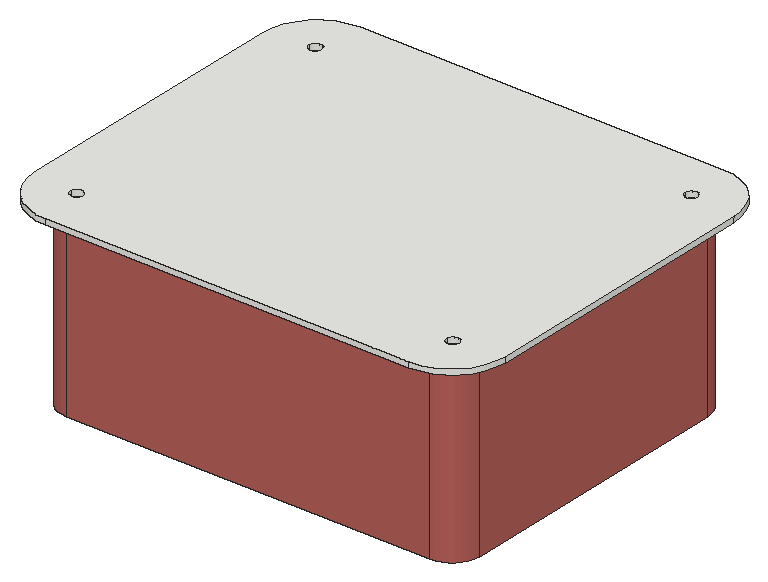
Revit family "Building-FlushMountingEnclosures-GEWISS-48PT-JUNCTION-BOXES_FLUSH-MOUNTING", category Apparecchi elettrici, host Superficie, Revit 2016
Family settings
  Host = Superficie
  Mantenere orientamento annotazione = No
  Tipo di parte = Normale
  Quota connettore circolare = Usa diametro
  Numero OmniClass = 23.80.30.14.24
  Titolo OmniClass = Junction Boxes
  Taglio con vuoti quando caricato = No
  Condiviso = No
  Punto di calcolo locali = Sì
Parameters (values of type "GW48005 - FLUSH MOUNTING JUNCTION BOX 160X130X70")
  Voltaggio = 0 V
  Version file RFA = "18.0"
  VISTA DI PIANTA [instance] = yes
  URL = "https://www.gewiss.com/ww/en"
  Type of material = "Halogen-free in compliance with EN 60754-2"
  Thermo-pressure with ball = "70 °C"
  Technical sheet = "https://www.gewiss.com/ww/en/search?q=GW48005"
  Shock resistance = "IK07"
  SIMBOLO [instance] = yes
  SEO = "Box"
  Realized by GEWISS S.p.A. = ""
  Produttore = "GEWISS S.p.A."
  Outer dim. LxHxD (mm) = "160x130x70"
  Operating temperature = "-15 ÷ +60°C"
  Modello = "GW48005"
  Lid colour = "White RAL 9016"
  Installation = "Flush mounting enclosures"
  Immagine tipo = gw48001.jpg
  Tappo = GEWISS - BIANCO RAL 9016
  Scatola = ROSSO RAL 3000
  IP degree = "IP40"
  IDT = "5db139ba-2d0a-47a6-a6ef-19bd08ad663c"
  IDF = "2587cbf6-bb6e-4d5d-9609-fbb7b32b69a9"
  Glow Wire Test = "650°C"
  GEWISS SCHEDA TECNICA = "http://pro.gewiss.com/irj/portal/?NavigationTarget=pcd:portal_content/com.gewiss.ZPPFDMain/com.gewiss.ZPPFDITMain/com.gewiss.ZPPFDITMainDefault/com.gewiss.ZPPFDITPages/com.gewiss.ZPPFDITPagesAP/com.gewiss.ZPPFDITPagesAPCatalogo/com.gewiss.ZPPPDITAPProductDetail&codProd=GW48005"
  Default Elevation = 1219.2 mm
  Profondità = 70 mm
  Lunghezza = 160 mm
  Larghezza = 130 mm
  For walls = "Masonry"
  Electrocod = "0220"
  EAN code = "8011564016422"
  Distanza orizzontale del simbolo [instance] = 329.446 mm
  Distanza dal muro [instance] = 4.208 mm
  Descrizione = "FLUSH MOUNTING JUNCTION BOX 160X130X70"
  Compartment pre-arrangement = "1"
  Classificazione = Other
  Catalogue Range = "48 PT"
  Catalogue = "BUILDING"
  Carico apparente = 0 VA
  CORNICE SIMBOLO [instance] = yes
  COBie.Tagnumber = ""
  COBie.CreatedOn = ""
  COBie.CreatebBy = ""
  COBie.ComponentRegisterItemID = ""
  COBie.Component.TagNumber = ""
  COBie.Component.Space = ""
  COBie.Component.SerialNumber = ""
  COBie.Component.InstallationDate = ""
  COBie.Component.Description = ""
  COBie.Component.BarCode = ""
  Bordo = 4 mm
Types (5, lengths in mm): name | Technical sheet | Outer dim. LxHxD (mm) | Modello | IDT | GEWISS SCHEDA TECNICA | Profondità | Lunghezza | Larghezza | EAN code | Descrizione
  GW48001 - FLUSH MOUNTING JUNCTION BOX 92X92X45 | "https://www.gewiss.com/ww/en/search?q=GW48001" | "92x92x45" | "GW48001" | "5a06cdcc-e3bf-45dc-bed8-f625ed1c20df" | "http://pro.gewiss.com/irj/portal/?NavigationTarget=pcd:portal_content/com.gewiss.ZPPFDMain/com.gewiss.ZPPFDITMain/com.gewiss.ZPPFDITMainDefault/com.gewiss.ZPPFDITPages/com.gewiss.ZPPFDITPagesAP/com.gewiss.ZPPFDITPagesAPCatalogo/com.gewiss.ZPPPDITAPProductDetail&codProd=GW48001" | 45 | 92 | 92 | "8011564016385" | "FLUSH MOUNTING JUNCTION BOX 92X92X45"
  GW48002 - FLUSH MOUNTING JUNCTION BOX 118X96X50 | "https://www.gewiss.com/ww/en/search?q=GW48002" | "118x96x50" | "GW48002" | "de690289-d37d-4a41-a99d-f4e485978f89" | "http://pro.gewiss.com/irj/portal/?NavigationTarget=pcd:portal_content/com.gewiss.ZPPFDMain/com.gewiss.ZPPFDITMain/com.gewiss.ZPPFDITMainDefault/com.gewiss.ZPPFDITPages/com.gewiss.ZPPFDITPagesAP/com.gewiss.ZPPFDITPagesAPCatalogo/com.gewiss.ZPPPDITAPProductDetail&codProd=GW48002" | 50 | 118 | 96 | "8011564016392" | "FLUSH MOUNTING JUNCTION BOX 118X96X50"
  GW48003 - FLUSH MOUNTING JUNCTION BOX 118X96X70 | "https://www.gewiss.com/ww/en/search?q=GW48003" | "118x96x70" | "GW48003" | "cfc061ea-fc08-4341-8ad6-c24246c1af86" | "http://pro.gewiss.com/irj/portal/?NavigationTarget=pcd:portal_content/com.gewiss.ZPPFDMain/com.gewiss.ZPPFDITMain/com.gewiss.ZPPFDITMainDefault/com.gewiss.ZPPFDITPages/com.gewiss.ZPPFDITPagesAP/com.gewiss.ZPPFDITPagesAPCatalogo/com.gewiss.ZPPPDITAPProductDetail&codProd=GW48003" | 70 | 118 | 96 | "8011564016408" | "FLUSH MOUNTING JUNCTION BOX 118X96X70"
  GW48004 - FLUSH MOUNTING JUNCTION BOX 152X98X70 | "https://www.gewiss.com/ww/en/search?q=GW48004" | "152x98x70" | "GW48004" | "8040a3c4-1d49-4fed-a40d-69a247de72a1" | "http://pro.gewiss.com/irj/portal/?NavigationTarget=pcd:portal_content/com.gewiss.ZPPFDMain/com.gewiss.ZPPFDITMain/com.gewiss.ZPPFDITMainDefault/com.gewiss.ZPPFDITPages/com.gewiss.ZPPFDITPagesAP/com.gewiss.ZPPFDITPagesAPCatalogo/com.gewiss.ZPPPDITAPProductDetail&codProd=GW48004" | 70 | 152 | 98 | "8011564016415" | "FLUSH MOUNTING JUNCTION BOX 152X98X70"
  GW48005 - FLUSH MOUNTING JUNCTION BOX 160X130X70 | "https://www.gewiss.com/ww/en/search?q=GW48005" | "160x130x70" | "GW48005" | "5db139ba-2d0a-47a6-a6ef-19bd08ad663c" | "http://pro.gewiss.com/irj/portal/?NavigationTarget=pcd:portal_content/com.gewiss.ZPPFDMain/com.gewiss.ZPPFDITMain/com.gewiss.ZPPFDITMainDefault/com.gewiss.ZPPFDITPages/com.gewiss.ZPPFDITPagesAP/com.gewiss.ZPPFDITPagesAPCatalogo/com.gewiss.ZPPPDITAPProductDetail&codProd=GW48005" | 70 | 160 | 130 | "8011564016422" | "FLUSH MOUNTING JUNCTION BOX 160X130X70"
Reference planes
  plane 1 "Centro (Fronte/Retro)": y = 0
  plane 2: z = 0
  plane 3 "Centro (Sinistra/Destra)": x = 0
  plane 4: x = -80
  plane 5: y = -65
  plane 6: x = 80
  plane 7: y = 65
  plane 8: y = 62.823
  plane 9: x = 77.823
  plane 10: y = -62.823
  plane 11: x = -77.823
  plane 12: z = -70
  plane 13: y = 57
  plane 14: y = -57
  plane 15: x = -71.947
  plane 16: x = 71.947
  plane 17: x = -90
  plane 18: y = -75
  plane 19: x = 90
  plane 20: y = 75
  plane 21: z = 2
  plane 22: x = -329.446
Forms (mm)
  Extrusion 1, void
    sketch origin (0, 0, 0) x (1, 0, 0) y (0, 1, 0)
      loop
        line (-80, 54.5) -> (-80, -54.5)
        arc (-80, -54.5) -> (-76.925, -61.925) -> (-69.5, -65) r 10.5
        line (-69.5, -65) -> (69.5, -65)
        arc (69.5, -65) -> (76.925, -61.925) -> (80, -54.5) r 10.5
        line (80, -54.5) -> (80, 54.5)
        arc (80, 54.5) -> (76.925, 61.925) -> (69.5, 65) r 10.5
        line (69.5, 65) -> (-69.5, 65)
        arc (-69.5, 65) -> (-76.925, 61.925) -> (-80, 54.5) r 10.5
    from -70 to 0
  Extrusion 2, solid, material "ROSSO RAL 3000" <- "Scatola"
    sketch origin (0, 0, 0) x (1, 0, 0) y (0, 1, 0)
      loop
        arc (-69.5, 65) -> (-76.925, 61.925) -> (-80, 54.5) r 10.5
        line (-80, 54.5) -> (-80, -54.5)
        arc (-80, -54.5) -> (-76.925, -61.925) -> (-69.5, -65) r 10.5
        line (-69.5, -65) -> (69.5, -65)
        arc (69.5, -65) -> (76.925, -61.925) -> (80, -54.5) r 10.5
        line (80, -54.5) -> (80, 54.5)
        arc (80, 54.5) -> (76.925, 61.925) -> (69.5, 65) r 10.5
        line (69.5, 65) -> (-69.5, 65)
      loop
        arc (-69.5, 62.823) -> (-75.386, 60.386) -> (-77.823, 54.5) r 8.323
        line (-77.823, 54.5) -> (-77.823, -54.5)
        arc (-77.823, -54.5) -> (-75.386, -60.386) -> (-69.5, -62.823) r 8.323
        line (-69.5, -62.823) -> (69.5, -62.823)
        arc (69.5, -62.823) -> (75.386, -60.386) -> (77.823, -54.5) r 8.323
        line (77.823, -54.5) -> (77.823, 54.5)
        arc (77.823, 54.5) -> (75.386, 60.386) -> (69.5, 62.823) r 8.323
        line (69.5, 62.823) -> (-69.5, 62.823)
    from -70 to 0
  Extrusion 3, solid
    sketch origin (0, 0, 0) x (1, 0, 0) y (0, 1, 0)
      loop
        line (-77.823, 51.384) -> (-74.592, 51.384)
        arc (-74.592, 51.384) -> (-69.664, 54.157) -> (-66.596, 58.907) r 11.782
        line (-66.596, 58.907) -> (-66.596, 62.823) -> (-69.5, 62.823)
        arc (-69.5, 62.823) -> (-75.386, 60.386) -> (-77.823, 54.5) r 8.323
        line (-77.823, 54.5) -> (-77.823, 51.384)
      loop
        line (77.823, 51.384) -> (77.823, 54.5)
        arc (77.823, 54.5) -> (75.386, 60.386) -> (69.5, 62.823) r 8.323
        line (69.5, 62.823) -> (66.596, 62.823) -> (66.596, 58.907)
        arc (66.596, 58.907) -> (69.664, 54.157) -> (74.592, 51.384) r 11.782
        line (74.592, 51.384) -> (77.823, 51.384)
      loop
        line (-77.823, -51.384) -> (-77.823, -54.5)
        arc (-77.823, -54.5) -> (-75.386, -60.386) -> (-69.5, -62.823) r 8.323
        line (-69.5, -62.823) -> (-66.596, -62.823) -> (-66.596, -58.907)
        arc (-66.596, -58.907) -> (-69.664, -54.157) -> (-74.592, -51.384) r 11.782
        line (-74.592, -51.384) -> (-77.823, -51.384)
      loop
        line (77.823, -51.384) -> (74.592, -51.384)
        arc (74.592, -51.384) -> (69.664, -54.157) -> (66.596, -58.907) r 11.782
        line (66.596, -58.907) -> (66.596, -62.823) -> (69.5, -62.823)
        arc (69.5, -62.823) -> (75.386, -60.386) -> (77.823, -54.5) r 8.323
        line (77.823, -54.5) -> (77.823, -51.384)
    from -2.208 to 0
  Extrusion 4, void
    sketch origin (0, 0, 0) x (1, 0, 0) y (0, 1, 0)
      loop
        circle (-71.947, 57) r 2.408
      loop
        circle (71.947, 57) r 2.408
      loop
        circle (-71.947, -57) r 2.408
      loop
        circle (71.947, -57) r 2.408
    from -2.208 to 2
  Extrusion 5, solid, material "GEWISS - BIANCO RAL 9016" <- "Tappo"
    sketch origin (0, 0, 0) x (1, 0, 0) y (0, 1, 0)
      loop
        arc (-69.5, 75) -> (-83.996, 68.996) -> (-90, 54.5) r 20.5
        line (-90, 54.5) -> (-90, -54.5)
        arc (-90, -54.5) -> (-83.996, -68.996) -> (-69.5, -75) r 20.5
        line (-69.5, -75) -> (69.5, -75)
        arc (69.5, -75) -> (83.996, -68.996) -> (90, -54.5) r 20.5
        line (90, -54.5) -> (90, 54.5)
        arc (90, 54.5) -> (83.996, 68.996) -> (69.5, 75) r 20.5
        line (69.5, 75) -> (-69.5, 75)
    from 0 to 2
Cuts and joins
  Extrusion 4 cuts Extrusion 5
Lines and regions (mm)
  Masking region 1, visible <- "VISTA DI PIANTA"
    outline origin (0, 0, 0) x (1, 0, 0) y (0, 0, 1)
      loop
        line (-80, -70) -> (80, -70) -> (80, 0) -> (-80, 0) -> (-80, -70)
  Masking region 2, visible <- "VISTA DI PIANTA"
    outline origin (0, 0, 0) x (1, 0, 0) y (0, 0, 1)
      loop
        line (-90, 0) -> (90, 0) -> (90, 2) -> (-90, 2) -> (-90, 0)
  Masking region 3
    outline origin (0, 0, 0) x (0, 1, 0) y (0, 0, 1)
      loop
        line (-65, -70) -> (65, -70) -> (65, 0) -> (-65, 0) -> (-65, -70)
  Masking region 4
    outline origin (0, 0, 0) x (0, 1, 0) y (0, 0, 1)
      loop
        line (-75, 0) -> (75, 0) -> (75, 2) -> (-75, 2) -> (-75, 0)
  model lines
    curve 1: line (69.5, 65, 0) -> (-69.5, 65, 0)
    curve 2: arc (-69.5, 65, 0) -> (-76.925, 61.925, 0) -> (-80, 54.5, 0) r 10.5
    curve 3: line (-80, 54.5, 0) -> (-80, -54.5, 0)
    curve 4: arc (-80, -54.5, 0) -> (-76.925, -61.925, 0) -> (-69.5, -65, 0) r 10.5
    curve 5: line (-69.5, -65, 0) -> (69.5, -65, 0)
    curve 6: arc (69.5, -65, 0) -> (76.925, -61.925, 0) -> (80, -54.5, 0) r 10.5
    curve 7: line (80, -54.5, 0) -> (80, 54.5, 0)
    curve 8: arc (80, 54.5, 0) -> (76.925, 61.925, 0) -> (69.5, 65, 0) r 10.5
Dimensions and locks
  equal spacing: plane 7, plane 1 "Centro (Fronte/Retro)", plane 5
  equal spacing: plane 4, plane 3 "Centro (Sinistra/Destra)", plane 6
  "Lunghezza": plane 4 to plane 6
  "Larghezza": plane 7 to plane 5
  plane 4 to plane 11 = 2.177 mm  (x2)
  plane 9 to plane 6 = 2.177 mm  (x2)
  plane 10 to plane 5 = 2.177 mm
  plane 7 to plane 8 = 2.177 mm
  "Profondità": plane 2 to plane 12
  locked: plane 11 to plane 15 at 5.876
  locked: plane 7 to plane 13 at 8
  locked: plane 14 to plane 5 at 8
  locked: plane 16 to plane 6 at 8.053
  locked: plane 2 to Extrusion 3 at 2.208
  locked: plane 20 to plane 7 at 10
  locked: plane 17 to plane 4 at 10
  locked: plane 5 to plane 18 at 10
  locked: plane 6 to plane 19 at 10
  plane 21 to plane 2 = 2 mm
  "Distanza orizzontale del simbolo": plane 22 to plane 3 "Centro (Sinistra/Destra)"
  aligned and locked: plane 2 to host face
  aligned and locked: level to host face
  aligned and locked: Extrusion 1 sketch curve to plane 4
  aligned and locked: Extrusion 1 sketch curve to plane 7
  aligned and locked: Extrusion 1 sketch curve to plane 6
  aligned and locked: Extrusion 1 sketch curve to plane 5
  aligned and locked: Extrusion 1 to plane 12
  aligned and locked: plane 2 to Extrusion 1
  aligned and locked: Extrusion 2 sketch curve to plane 4
  aligned and locked: Extrusion 2 sketch curve to plane 11
  aligned and locked: Extrusion 2 sketch curve to plane 10
  aligned and locked: Extrusion 2 sketch curve to plane 5
  aligned and locked: Extrusion 2 sketch curve to plane 6
  aligned and locked: Extrusion 2 sketch curve to plane 9
  aligned and locked: Extrusion 2 sketch curve to plane 8
  aligned and locked: Extrusion 2 sketch curve to plane 7
  aligned and locked: Extrusion 2 to plane 12
  aligned and locked: plane 2 to Extrusion 2
  aligned and locked: plane 11 to Extrusion 3 sketch curve
  aligned and locked: Extrusion 3 sketch curve to plane 8
  aligned and locked: Extrusion 3 sketch curve to plane 10
  aligned and locked: plane 10 to Extrusion 3 sketch curve
  aligned and locked: Extrusion 3 sketch curve to plane 9
  aligned and locked: plane 8 to Extrusion 3 sketch curve
  aligned and locked: plane 9 to Extrusion 3 sketch curve
  aligned and locked: Extrusion 3 sketch curve to plane 11
  aligned and locked: plane 2 to Extrusion 3
  aligned and locked: plane 15 to Extrusion 4 sketch curve  (x2)
  aligned and locked: plane 13 to Extrusion 4 sketch curve  (x2)
  aligned and locked: plane 16 to Extrusion 4 sketch curve  (x2)
  aligned and locked: plane 14 to Extrusion 4 sketch curve
  aligned and locked: Extrusion 4 sketch curve to plane 14
  aligned and locked: Extrusion 3 to Extrusion 4
  aligned and locked: plane 19 to Extrusion 5 sketch curve
  aligned and locked: Extrusion 5 sketch curve to plane 18
  aligned and locked: plane 17 to Extrusion 5 sketch curve
  aligned and locked: Extrusion 5 sketch curve to plane 20
  aligned and locked: plane 21 to Extrusion 5
  aligned and locked: plane 21 to Extrusion 4
  aligned and locked: curve 1 to Extrusion 2
  aligned and locked: curve 3 to Extrusion 2
  aligned and locked: curve 5 to Extrusion 2
  aligned and locked: curve 7 to Extrusion 2
  aligned and locked: plane 22 to nested 1
  aligned and locked: Masking region 1 sketch curve to Extrusion 2  (x4)
  aligned and locked: Masking region 2 sketch curve to cut or joined group of Extrusion 4, Extrusion 5  (x4)
  aligned and locked: Masking region 3 sketch curve to Extrusion 2  (x4)
  aligned and locked: Masking region 4 sketch curve to cut or joined group of Extrusion 4, Extrusion 5  (x4)
Automatic sketch dimensions
  host sketch curve to host sketch curve = 2438.4 mm  (x2)
  Extrusion 1 sketch curve to Extrusion 1 sketch curve = 0 mm  (x3)
  plane 11 to Extrusion 1 sketch curve = 8.323 mm
  Extrusion 2 sketch curve to Extrusion 2 sketch curve = 0 mm  (x13)
  Extrusion 2 sketch curve to plane 9 = 0 mm
  plane 10 to Extrusion 2 sketch curve = 0 mm
  plane 5 to Extrusion 2 sketch curve = 10.5 mm  (x2)
  Extrusion 2 sketch curve to plane 7 = 10.5 mm  (x2)
  plane 4 to Extrusion 2 sketch curve = 10.5 mm
  plane 11 to Extrusion 2 sketch curve = 8.323 mm
  Extrusion 2 sketch curve to plane 6 = 10.5 mm
  plane 11 to Extrusion 2 sketch curve = 0 mm  (x2)
  plane 11 to Extrusion 3 sketch curve = 0.085 mm  (x2)
  Extrusion 3 sketch curve to plane 15 = 2.645 mm  (x2)
  plane 15 to Extrusion 3 sketch curve = 2.447 mm  (x2)
  Extrusion 3 sketch curve to Extrusion 3 sketch curve = 2.904 mm  (x2)
  plane 16 to Extrusion 3 sketch curve = 5.351 mm  (x2)
  plane 16 to Extrusion 3 sketch curve = 2.447 mm  (x2)
  Extrusion 3 sketch curve to plane 16 = 2.645 mm  (x2)
  Extrusion 3 sketch curve to plane 9 = 0.085 mm  (x2)
  plane 10 to Extrusion 3 sketch curve = 0.085 mm  (x2)
  plane 14 to Extrusion 3 sketch curve = 1.907 mm  (x2)
  Extrusion 3 sketch curve to plane 14 = 2.5 mm  (x2)
  Extrusion 3 sketch curve to plane 13 = 5.616 mm  (x2)
  Extrusion 3 sketch curve to plane 13 = 2.5 mm  (x2)
  plane 13 to Extrusion 3 sketch curve = 1.907 mm  (x2)
  plane 11 to Extrusion 3 sketch curve = 0 mm
  Extrusion 3 sketch curve to Extrusion 3 sketch curve = 0 mm  (x11)
  plane 15 to Extrusion 5 sketch curve = 2.447 mm  (x2)
  plane 16 to Extrusion 5 sketch curve = 2.447 mm  (x2)
  plane 15 to curve 1 = 2.447 mm
  plane 16 to curve 1 = 2.447 mm
  curve 3 to plane 14 = 2.5 mm
  plane 16 to curve 5 = 2.447 mm
  radius of Extrusion 4 sketch curve = 2.408 mm  (x4)
Nested families
  nested 1: "CASSDERIVAZINC" at (-329.446, 124.167, 0), Distanza dal muro <- "Distanza dal muro", BORDO ACCESO <- "CORNICE SIMBOLO", SIMBOLO ACCESO <- "SIMBOLO", type "CASSETTAINC"
    with SIMBOLO ACCESO yes, Distanza dal muro 4.208 mm, BORDO ACCESO yes
Connectors
  electrical at (0, 0, -70), driven by "Voltaggio", driven by "Classificazione", driven by "Carico apparente"
    settings: on host face, index 1, voltage 0 V, apparent load 0 VA, apparent load phase1 0 VA, apparent load phase2 0 VA, apparent load phase3 0 VA, power factor 1, load classification "Other", number of poles 1, system type 31, power factor state 1, is connector primary yes, connector utility no, sub classification motor no, connector description ""
Definition of nested family "CASSDERIVAZINC"
  Parameters (values of type "CASSETTAINC")
    SIMBOLO ACCESO [instance] = yes
    Distanza dal muro [instance] = 4.208 mm
    BORDO ACCESO [instance] = yes
  Reference planes
    plane 1: y = 0
    plane 2: x = 0
  Dimensions and locks
    "Distanza dal muro": plane 1 to nested 1
    aligned and locked: plane 2 to nested 1
  Nested families
    nested 1: "CASSDERIVAZINC_BASE" at (0, 4.208, 0), BORDO ACCESO <- "BORDO ACCESO", SIMBOLO ACCESO <- "SIMBOLO ACCESO", type "CASSETTAINC"
      with BORDO ACCESO yes
  Definition of nested family "CASSDERIVAZINC_BASE"
    Parameters (values of type "CASSETTAINC")
      SIMBOLO ACCESO [instance] = yes
      Distanza dal muro = 4.208 mm
      BORDO ACCESO [instance] = yes
    Reference planes
      plane 1: y = 0
      plane 2: x = 0
    Lines and regions (mm)
      detail lines, visible <- "BORDO ACCESO"
        curve 1: line (-1, 2.5, 0) -> (1, 2.5, 0)
        curve 2: line (1, 2.5, 0) -> (1, 0, 0)
        curve 3: line (1, 0, 0) -> (-1, 0, 0)
        curve 4: line (-1, 0, 0) -> (-1, 2.5, 0)
        curve 5: line (-0.9, 2.4, 0) -> (0.9, 2.4, 0)
        curve 6: line (0.9, 2.4, 0) -> (0.9, 0.1, 0)
        curve 7: line (0.9, 0.1, 0) -> (-0.9, 0.1, 0)
        curve 8: line (-0.9, 0.1, 0) -> (-0.9, 2.4, 0)
      detail lines, visible <- "BORDO ACCESO", not visible
        curve 9: line (-2.443, 10.208, 0) -> (2.057, 10.208, 0)
        curve 10: line (2.057, 10.208, 0) -> (2.057, 4.208, 0)
        curve 11: line (2.057, 4.208, 0) -> (-2.443, 4.208, 0)
        curve 12: line (-2.443, 4.208, 0) -> (-2.443, 10.208, 0)
        curve 13: line (-2.043, 9.808, 0) -> (1.657, 9.808, 0)
        curve 14: line (1.657, 9.808, 0) -> (1.657, 4.608, 0)
        curve 15: line (1.657, 4.608, 0) -> (-2.043, 4.608, 0)
        curve 16: line (-2.043, 4.608, 0) -> (-2.043, 9.808, 0)
      detail lines, visible <- "SIMBOLO ACCESO"
        curve 17: circle (0, 1.25, 0) r 0.1 normal (0, 0, 1)
        curve 18: circle (0, 1.25, 0) r 0.809 normal (0, 0, 1)
    Dimensions and locks
      aligned and locked: curve 3 to plane 1
